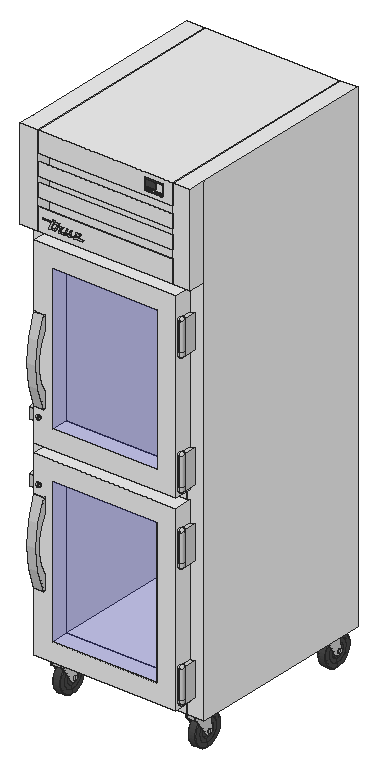
Revit family
Parameters
  Weight in Pounds = 0
  Watts = 1500 W
  Volts = 208 V
  URL Cutsheet = "www.truemfg.com"
  URL = "www.truemfg.com"
  Type Mark [instance] = ""
  Type Comments = ""
  Status [instance] = ""
  Specification by User [instance] = ""
  Specification by Manufacturer = ""
  Show Seismic Flanged [instance] = no
  Show Logo [instance] = yes
  Show Legs [instance] = no
  Show Clearance [instance] = yes
  Serial Number = ""
  Seismic Rating = ""
  Seismic Plate [instance] = and(Show Seismic Flanged, not(Show Casters))  # no
  SMACNA No = ""
  Revision Code [instance] = ""
  Phase = 1
  Omniclass Number and Title = ""
  Number of Poles [instance] = 1
  NAFEM Spec ID Number = ""
  Model = "STA1H-2HG"
  Min Ckt Ampacity = 0 A
  Max Overcurrent Protection = 0 A
  Masterspec = ""
  Manufacturer = "TRUE FOOD SERVICE EQUIPMENT, INC."
  Length = 27 1/2"
  Legs [instance] = or(Show Legs, Show Seismic Flanged)  # no
  Item Number [instance] = ""
  Installed By [instance] = ""
  Identify Quantity as Lot [instance] = yes
  Height = 77 3/4"
  HP = ""
  Furnished By [instance] = ""
  Foodservice Equipment Identifier [instance] = yes
  FL Amps = Watts / Volts  # 7.21154 A
  Electrical Remarks [instance] = ""
  Electric Connection Type [instance] = ""
  Elec Conn RI Height [instance] = 0"
  Elec Conn Connection Height [instance] = 0"
  Description = "Reach-in Glass Half Swing Door Heated Cabinet"
  Depth = 33 3/4"
  Cycle = 60 Hz
  Conn Plug = "6-15P"
  Conn Conduit = yes
  Show Casters [instance] = and(not(if(Show Legs, Show Legs, Show Legs)), not(if(Show Legs, Show Legs, Show Seismic Flanged)))  # yes
  CSI MasterFormat = ""
  CSI Master Format = ""
  Apparent Power = if(Phase = 3, Volts * FL Amps * 1.73, Volts * FL Amps)  # 1500 VA
Reference planes (in)
  plane 1 "BACK": y = 0
  plane 2: z = 0
  plane 3 "LEFT": x = 0
  plane 4 "RIGHT": x = 27.5
  plane 5 "FRONT": y = -33.75
  plane 6 "TOP": z = 84.125
  plane 7: z = 6.125
  plane 8: x = 2.84375
  plane 9: y = -33.7042
Forms (in)
  Extrusion 1, solid, material "QF_Finishes_Chrome - Satin"
    sketch origin (0.05, 0, 0) x (1, 0, 0) y (0, 1, 0)
      loop
        line (-0.05, 0) -> (-0.05, -31) -> (2.87859, -31) -> (2.87859, 0) -> (-0.05, 0)
    from 6.125 to 84.125
  Extrusion 2, solid, material "QF_Finishes_Chrome - Satin"
    sketch origin (50.15, 0, 0) x (1, 0, 0) y (0, 1, 0)
      loop
        line (-25.44375, 0) -> (-25.44375, -31) -> (-22.65, -31) -> (-22.65, 0) -> (-25.44375, 0)
    from 6.125 to 84.125
  Extrusion 3, solid, material "QF_Finishes_Chrome - Satin"
    sketch origin (0, 0, 0) x (0, 1, 0) y (0, 0, 1)
      loop
        line (-33.7042, 69.5) -> (-31, 69.5) -> (-31, 67) -> (-30, 67) -> (-30, 69.5) -> (-2, 69.5) -> (-2, 9.03125) -> (-31, 9.03125) -> (-31, 6.125) -> (0, 6.125) -> (0, 84.125) -> (-33.7042, 84.125) -> (-33.7042, 80.78078) -> (-31.5, 79.21352) -> (-31.5, 78.09125) -> (-33.7042, 79.65851) -> (-33.7042, 77.5248) -> (-31.5, 75.95754) -> (-31.5, 74.99678) -> (-33.7042, 76.56404) -> (-33.7042, 74.46784) -> (-31.5, 72.90057) -> (-31.5, 71.625) -> (-33.7042, 73.19226) -> (-33.7042, 69.5)
      loop
        line (-31, 39.0625) -> (-31, 36.5625) -> (-30, 36.5625) -> (-30, 39.0625) -> (-31, 39.0625)
    from 2.92859 to 24.70625
  Extrusion 4, solid, material "QF_Finishes_Chrome - Satin"
    sketch origin (0, 0, 0) x (1, 0, 0) y (0, 1, 0)
      loop
        line (27.45312, -31) -> (24.70625, -31) -> (24.70625, -33.75) -> (27.45312, -33.75) -> (27.45312, -31)
    from 69.5 to 84.125
  Extrusion 5, solid, material "QF_Finishes_Chrome - Satin"
    sketch origin (-50.125, 0, 0.25) x (1, 0, 0) y (0, 1, 0)
      loop
        line (53.05359, -31) -> (50.17188, -31) -> (50.17188, -33.75) -> (53.05359, -33.75) -> (53.05359, -31)
    from 69.25 to 83.875
  Extrusion 6, solid, material "QF_Finishes_Chrome - Satin"
    sketch origin (-24.96875, 0, -0.71875) x (1, 0, 0) y (0, 0, 1)
      loop
        line (27.25, 8.75) -> (50.1875, 8.75) -> (50.1875, 37.96875) -> (27.25, 37.96875) -> (27.25, 8.75)
      loop
        line (27.25, 68.6875) -> (27.25, 39.46875) -> (50.1875, 39.46875) -> (50.1875, 68.6875) -> (27.25, 68.6875)
      loop
        line (30.25, 65.6875) -> (30.25, 42.46875) -> (47.1875, 42.46875) -> (47.1875, 65.6875) -> (30.25, 65.6875)
      loop
        line (47.09375, 11.75) -> (47.09375, 34.96875) -> (30.25, 34.96875) -> (30.25, 11.75) -> (47.09375, 11.75)
    from 31 to 33.75
  Extrusion 7, solid, material "QF_Finishes_Handrails and Railings"
    sketch origin (-8.40259, -0.25, 98.07708) x (0, 1, 0) y (0, 0, 1)
      loop
        line (-33.5, -53.875) -> (-33.5, -51.475)
        arc (-33.5, -51.475) -> (-34.65816, -47.075) -> (-33.5, -42.675) r 8.93715
        line (-33.5, -42.675) -> (-33.5, -40.275) -> (-33.7, -40.275)
        arc (-33.7, -40.275) -> (-35.14405, -47.075) -> (-33.7, -53.875) r 16.7325
        line (-33.7, -53.875) -> (-33.5, -53.875)
    from 10.87731 to 12.37731
  Extrusion 8, solid, material "QF_Finishes_Handrails and Railings"
    sketch origin (-23.375, 0, 2.625) x (1, 0, 0) y (0, 0, 1)
      loop
        circle (26.4375, 40.0625) r 0.35
      loop
        line (26.47265, 40.33635) -> (26.41715, 40.33635) -> (26.41715, 39.76895) -> (26.47265, 39.76895) -> (26.47265, 40.33635)
    from 33.5 to 33.83066
  Extrusion 9, solid, material "QF_Finishes_Handrails and Railings", visible <- "Show Logo"
    sketch origin (0.33478, 1.08173, -6.73143) x (1, 0, 0) y (0, 0, 1)
      loop
        line (3.46044, 78.46231) -> (3.35478, 78.23573) -> (4.76027, 78.23573)
        arc (4.76027, 78.23573) -> (4.78879, 78.18528) -> (4.76027, 78.13484) r 0.05887
        line (4.76027, 78.13484) -> (4.39369, 77.34872)
        arc (4.39369, 77.34872) -> (4.39051, 77.27591) -> (4.43975, 77.22217) r 0.09523
        line (4.43975, 77.22217) -> (5.33844, 77.22217)
        arc (5.33844, 77.22217) -> (5.45192, 77.25795) -> (5.52436, 77.35235) r 0.19785
        line (5.52436, 77.35235) -> (5.81285, 77.97101) -> (6.0779, 77.97101)
        arc (6.0779, 77.97101) -> (6.14744, 77.94543) -> (6.13737, 77.87203) r 0.05911
        line (6.13737, 77.87203) -> (5.89598, 77.35437)
        arc (5.89598, 77.35437) -> (5.89974, 77.2684) -> (5.97231, 77.22217) r 0.09318
        line (5.97231, 77.22217) -> (6.76198, 77.22217)
        arc (6.76198, 77.22217) -> (6.82249, 77.24419) -> (6.85468, 77.29995) r 0.09412
        arc (6.85468, 77.29995) -> (6.87746, 77.24495) -> (6.93246, 77.22217) r 0.07778
        line (6.93246, 77.22217) -> (7.43246, 77.22217)
        arc (7.43246, 77.22217) -> (7.49022, 77.23765) -> (7.53251, 77.27993) r 0.11552
        arc (7.53251, 77.27993) -> (7.55275, 77.23106) -> (7.60162, 77.21081) r 0.06912
        line (7.60162, 77.21081) -> (8.31225, 77.21081)
        arc (8.31225, 77.21081) -> (8.37034, 77.23488) -> (8.39441, 77.29297) r 0.08216
        arc (8.39441, 77.29297) -> (8.44767, 77.23972) -> (8.52042, 77.22022) r 0.14551
        line (8.52042, 77.22022) -> (9.85158, 77.22022) -> (9.99946, 77.47634) -> (8.65678, 77.47634)
        arc (8.65678, 77.47634) -> (8.61972, 77.50204) -> (8.61834, 77.54711) r 0.05009
        line (8.61834, 77.54711) -> (8.64157, 77.59692)
        arc (8.64157, 77.59692) -> (8.67723, 77.64364) -> (8.73327, 77.66135) r 0.09747
        line (8.73327, 77.66135) -> (9.16485, 77.66135)
        arc (9.16485, 77.66135) -> (9.258, 77.68631) -> (9.32619, 77.7545) r 0.1863
        line (9.32619, 77.7545) -> (9.45119, 77.97101)
        arc (9.45119, 77.97101) -> (9.45119, 78.08657) -> (9.35111, 78.14434) r 0.11556
        line (9.35111, 78.14434) -> (8.89562, 78.14434)
        arc (8.89562, 78.14434) -> (8.7795, 78.12462) -> (8.69849, 78.03912) r 0.18605
        line (8.69849, 78.03912) -> (8.48204, 77.57493)
        arc (8.48204, 77.57493) -> (8.41815, 77.49167) -> (8.31806, 77.46011) r 0.1745
        line (8.31806, 77.46011) -> (7.84559, 77.46011)
        arc (7.84559, 77.46011) -> (7.78903, 77.52184) -> (7.79268, 77.60548) r 0.10939
        line (7.79268, 77.60548) -> (8.04395, 78.14434) -> (7.88403, 78.14434) -> (7.61781, 77.57344)
        arc (7.61781, 77.57344) -> (7.56609, 77.50603) -> (7.48505, 77.48048) r 0.14128
        line (7.48505, 77.48048) -> (7.15925, 77.48048)
        arc (7.15925, 77.48048) -> (7.10419, 77.55223) -> (7.116, 77.64189) r 0.11816
        line (7.116, 77.64189) -> (7.3503, 78.14434) -> (7.18514, 78.14434) -> (6.91546, 77.566)
        arc (6.91546, 77.566) -> (6.85285, 77.50339) -> (6.76733, 77.48048) r 0.17104
        line (6.76733, 77.48048) -> (6.29555, 77.48048)
        arc (6.29555, 77.48048) -> (6.21082, 77.51999) -> (6.20267, 77.61313) r 0.0935
        line (6.20267, 77.61313) -> (6.35774, 77.94569) -> (6.57695, 77.94569)
        arc (6.57695, 77.94569) -> (6.61395, 78.05717) -> (6.69267, 78.14434) r 0.2857
        line (6.69267, 78.14434) -> (5.83605, 78.14434)
        arc (5.83605, 78.14434) -> (5.74086, 78.12324) -> (5.67498, 78.05135) r 0.16212
        line (5.67498, 78.05135) -> (5.44279, 77.55341)
        arc (5.44279, 77.55341) -> (5.3894, 77.50002) -> (5.31647, 77.48048) r 0.14586
        line (5.31647, 77.48048) -> (4.80506, 77.48048)
        arc (4.80506, 77.48048) -> (4.76514, 77.53442) -> (4.77274, 77.60109) r 0.09155
        line (4.77274, 77.60109) -> (5.11018, 78.23573) -> (5.96155, 78.23573) -> (6.06721, 78.46231) -> (5.21584, 78.46231) -> (5.32149, 78.68888) -> (5.01862, 78.68888) -> (4.91297, 78.46231) -> (3.46044, 78.46231)
      loop
        arc (8.83805, 77.93863) -> (8.80119, 77.92875) -> (8.7742, 77.90176) r 0.07373
        line (8.7742, 77.90176) -> (8.75229, 77.83436)
        arc (8.75229, 77.83436) -> (8.76245, 77.80983) -> (8.78699, 77.79966) r 0.0347
        line (8.78699, 77.79966) -> (9.15948, 77.79966)
        arc (9.15948, 77.79966) -> (9.18632, 77.80561) -> (9.20812, 77.82234) r 0.0635
        line (9.20812, 77.82234) -> (9.22624, 77.90622)
        arc (9.22624, 77.90622) -> (9.22091, 77.92868) -> (9.20009, 77.93863) r 0.02676
        line (9.20009, 77.93863) -> (8.83805, 77.93863)
    from 34.76797 to 34.83173
  Extrusion 10, solid, material "QF_Finishes_White"
    sketch origin (-23.16691, 1.06376, 1.58022) x (1, 0, 0) y (0, 0, 1)
      loop
        line (43.31732, 81.73227) -> (43.31732, 79.98496) -> (46.22357, 79.98496) -> (46.22357, 81.73227) -> (43.31732, 81.73227)
    from 34.75 to 34.76797
  Extrusion 11, solid, material "QF_Finishes_Black"
    sketch origin (-23.16691, 1.06376, 1.58022) x (1, 0, 0) y (0, 0, 1)
      loop
        line (46.28607, 81.79477) -> (43.25482, 81.79477) -> (43.25482, 79.92246) -> (46.28607, 79.92246) -> (46.28607, 81.79477)
      loop
        spline (43.45482, 80.25372) -> (43.46333, 80.23754) -> (43.48831, 80.22247) -> (43.52804, 80.20952) -> (43.57982, 80.19959) -> (43.64011, 80.19335) -> (43.70482, 80.19122) -> (43.76952, 80.19335) -> (43.82982, 80.19959) -> (43.88159, 80.20952) -> (43.92132, 80.22247) -> (43.9463, 80.23754) -> (43.95482, 80.25372)
        spline (43.95482, 80.25372) -> (43.9463, 80.26989) -> (43.92132, 80.28497) -> (43.88159, 80.29791) -> (43.82982, 80.30784) -> (43.76952, 80.31409) -> (43.70482, 80.31622) -> (43.64011, 80.31409) -> (43.57982, 80.30784) -> (43.52804, 80.29791) -> (43.48831, 80.28497) -> (43.46333, 80.26989) -> (43.45482, 80.25372)
      loop
        spline (44.15083, 80.25372) -> (44.15935, 80.23754) -> (44.18432, 80.22247) -> (44.22405, 80.20952) -> (44.27583, 80.19959) -> (44.33612, 80.19335) -> (44.40083, 80.19122) -> (44.46553, 80.19335) -> (44.52583, 80.19959) -> (44.57761, 80.20952) -> (44.61734, 80.22247) -> (44.64231, 80.23754) -> (44.65083, 80.25372)
        spline (44.65083, 80.25372) -> (44.64231, 80.26989) -> (44.61734, 80.28497) -> (44.57761, 80.29791) -> (44.52583, 80.30784) -> (44.46553, 80.31409) -> (44.40083, 80.31622) -> (44.33612, 80.31409) -> (44.27583, 80.30784) -> (44.22405, 80.29791) -> (44.18432, 80.28497) -> (44.15935, 80.26989) -> (44.15083, 80.25372)
      loop
        spline (44.90083, 80.25372) -> (44.90935, 80.23754) -> (44.93432, 80.22247) -> (44.97405, 80.20952) -> (45.02583, 80.19959) -> (45.08612, 80.19335) -> (45.15083, 80.19122) -> (45.21553, 80.19335) -> (45.27583, 80.19959) -> (45.32761, 80.20952) -> (45.36734, 80.22247) -> (45.39231, 80.23754) -> (45.40083, 80.25372)
        spline (45.40083, 80.25372) -> (45.39231, 80.26989) -> (45.36734, 80.28497) -> (45.32761, 80.29791) -> (45.27583, 80.30784) -> (45.21553, 80.31409) -> (45.15083, 80.31622) -> (45.08612, 80.31409) -> (45.02583, 80.30784) -> (44.97405, 80.29791) -> (44.93432, 80.28497) -> (44.90935, 80.26989) -> (44.90083, 80.25372)
      loop
        line (43.45481, 81.59478) -> (43.45481, 80.59478) -> (45.15433, 80.59478) -> (45.15433, 81.59478) -> (43.45481, 81.59478)
      loop
        line (46.22357, 81.73227) -> (43.31732, 81.73227) -> (43.31732, 79.98496) -> (46.22357, 79.98496) -> (46.22357, 81.73227)
      loop
        spline (45.65083, 80.25372) -> (45.65935, 80.23754) -> (45.68432, 80.22247) -> (45.72405, 80.20952) -> (45.77583, 80.19959) -> (45.83612, 80.19335) -> (45.90083, 80.19122) -> (45.96553, 80.19335) -> (46.02583, 80.19959) -> (46.07761, 80.20952) -> (46.11734, 80.22247) -> (46.14231, 80.23754) -> (46.15083, 80.25372)
        spline (46.15083, 80.25372) -> (46.14231, 80.26989) -> (46.11734, 80.28497) -> (46.07761, 80.29791) -> (46.02583, 80.30784) -> (45.96553, 80.31409) -> (45.90083, 80.31622) -> (45.83612, 80.31409) -> (45.77583, 80.30784) -> (45.72405, 80.29791) -> (45.68432, 80.28497) -> (45.65935, 80.26989) -> (45.65083, 80.25372)
    from 34.76797 to 34.80335
  Extrusion 12, solid
    sketch origin (-25.125, 0, 0) x (1, 0, 0) y (0, 0, 1)
      loop
        circle (49.375, 82) r 0.25
    from 0 to 0.0625
  Blend 13, solid, material "QF_Finishes_Handrails and Railings"
    base sketch origin (27.53125, 0, 4.5) x (-1, 0, 0) y (0, 0, -1)
      loop
        line (25.25, -38.99169) -> (26, -38.99169) -> (26, -37.24169) -> (25.25, -37.24169) -> (25.25, -38.99169)
    top sketch origin (27.53125, 0, 4.5) x (-1, 0, 0) y (0, 0, -1)
      loop
        line (26.18223, -36.6441) -> (25.25, -36.6441) -> (25.25, -39.42643) -> (26.18223, -39.42643) -> (26.18223, -36.6441)
    from 33.57883 to 31
  Extrusion 14, solid, material "QF_Finishes_Handrails and Railings"
    sketch origin (26.1875, 0, 0) x (0, 1, 0) y (0, 0, -1)
      loop
        line (-31, -64.55229) -> (-31, -59.23627) -> (-33.25, -59.23627) -> (-33.25, -59.94848) -> (-32.81497, -59.94848) -> (-32.81497, -64.34776)
        arc (-32.81497, -64.34776) -> (-32.75506, -64.49238) -> (-32.61044, -64.55229) r 0.20453
        line (-32.61044, -64.55229) -> (-31, -64.55229)
    from 0.17506 to 1
  Revolve 15, solid, material "QF_Finishes_Handrails and Railings"
    sketch origin (25.6875, 0, 0) x (0, 1, 0) y (0, 0, -1)
      loop
        line (-33.26563, -60.00189) -> (-33.67229, -60.00189) -> (-33.67229, -64.4736)
        arc (-33.67229, -64.4736) -> (-33.53722, -64.72557) -> (-33.26563, -64.81483) r 0.3848
        line (-33.26563, -64.81483) -> (-33.26563, -60.00189)
      loop
        line (-33.26563, -59.94848) -> (-33.26563, -59.04781)
        arc (-33.26563, -59.04781) -> (-33.53264, -59.13383) -> (-33.67229, -59.37712) r 0.38884
        line (-33.67229, -59.37712) -> (-33.67229, -59.94848) -> (-33.26563, -59.94848)
      axis (-33.26563, -59.04781) -> (-33.26563, -64.81483)
    angle from 0 to 360
  Extrusion 16, solid, material "QF_Finishes_Handrails and Railings"
    sketch origin (27.5, 0, 0) x (-1, 0, 0) y (0, 0, -1)
      loop
        line (1.91491, -64.4736) -> (2.3125, -64.4736) -> (2.3125, -60.00079) -> (1.91491, -60.00079) -> (1.91491, -64.4736)
    from 32.81497 to 33.59495
  Extrusion 17, solid, material "QF_Finishes_Handrails and Railings"
    sketch origin (26.1875, 0, -19.5) x (0, 1, 0) y (0, 0, -1)
      loop
        line (-31, -64.55229) -> (-31, -59.23627) -> (-33.25, -59.23627) -> (-33.25, -59.94848) -> (-32.81497, -59.94848) -> (-32.81497, -64.34776)
        arc (-32.81497, -64.34776) -> (-32.75506, -64.49238) -> (-32.61044, -64.55229) r 0.20453
        line (-32.61044, -64.55229) -> (-31, -64.55229)
    from 0.17506 to 1
  Revolve 18, solid, material "QF_Finishes_Handrails and Railings"
    sketch origin (25.6875, 0, -19.5) x (0, 1, 0) y (0, 0, -1)
      loop
        line (-33.26563, -60.00189) -> (-33.67229, -60.00189) -> (-33.67229, -64.4736)
        arc (-33.67229, -64.4736) -> (-33.53722, -64.72557) -> (-33.26563, -64.81483) r 0.3848
        line (-33.26563, -64.81483) -> (-33.26563, -60.00189)
      loop
        line (-33.26563, -59.94848) -> (-33.26563, -59.04781)
        arc (-33.26563, -59.04781) -> (-33.53264, -59.13383) -> (-33.67229, -59.37712) r 0.38884
        line (-33.67229, -59.37712) -> (-33.67229, -59.94848) -> (-33.26563, -59.94848)
      axis (-33.26563, -59.04781) -> (-33.26563, -64.81483)
    angle from 0 to 360
  Extrusion 19, solid, material "QF_Finishes_Handrails and Railings"
    sketch origin (27.5, 0, -19.5) x (-1, 0, 0) y (0, 0, -1)
      loop
        line (1.91491, -64.4736) -> (2.3125, -64.4736) -> (2.3125, -60.00079) -> (1.91491, -60.00079) -> (1.91491, -64.4736)
    from 32.81497 to 33.59495
  Extrusion 20, solid, material "QF_Finishes_Handrails and Railings"
    sketch origin (26.1875, 0, -30.5) x (0, 1, 0) y (0, 0, -1)
      loop
        line (-31, -64.55229) -> (-31, -59.23627) -> (-33.25, -59.23627) -> (-33.25, -59.94848) -> (-32.81497, -59.94848) -> (-32.81497, -64.34776)
        arc (-32.81497, -64.34776) -> (-32.75506, -64.49238) -> (-32.61044, -64.55229) r 0.20453
        line (-32.61044, -64.55229) -> (-31, -64.55229)
    from 0.17506 to 1
  Revolve 21, solid, material "QF_Finishes_Handrails and Railings"
    sketch origin (25.6875, 0, -30.5) x (0, 1, 0) y (0, 0, -1)
      loop
        line (-33.26563, -60.00189) -> (-33.67229, -60.00189) -> (-33.67229, -64.4736)
        arc (-33.67229, -64.4736) -> (-33.53722, -64.72557) -> (-33.26563, -64.81483) r 0.3848
        line (-33.26563, -64.81483) -> (-33.26563, -60.00189)
      loop
        line (-33.26563, -59.94848) -> (-33.26563, -59.04781)
        arc (-33.26563, -59.04781) -> (-33.53264, -59.13383) -> (-33.67229, -59.37712) r 0.38884
        line (-33.67229, -59.37712) -> (-33.67229, -59.94848) -> (-33.26563, -59.94848)
      axis (-33.26563, -59.04781) -> (-33.26563, -64.81483)
    angle from 0 to 360
  Extrusion 22, solid, material "QF_Finishes_Handrails and Railings"
    sketch origin (27.5, 0, -30.5) x (-1, 0, 0) y (0, 0, -1)
      loop
        line (1.91491, -64.4736) -> (2.3125, -64.4736) -> (2.3125, -60.00079) -> (1.91491, -60.00079) -> (1.91491, -64.4736)
    from 32.81497 to 33.59495
  Extrusion 23, solid, material "QF_Finishes_Handrails and Railings"
    sketch origin (26.1875, 0, -50.25) x (0, 1, 0) y (0, 0, -1)
      loop
        line (-31, -64.55229) -> (-31, -59.23627) -> (-33.25, -59.23627) -> (-33.25, -59.94848) -> (-32.81497, -59.94848) -> (-32.81497, -64.34776)
        arc (-32.81497, -64.34776) -> (-32.75506, -64.49238) -> (-32.61044, -64.55229) r 0.20453
        line (-32.61044, -64.55229) -> (-31, -64.55229)
    from 0.17506 to 1
  Revolve 24, solid, material "QF_Finishes_Handrails and Railings"
    sketch origin (25.6875, 0, -50.25) x (0, 1, 0) y (0, 0, -1)
      loop
        line (-33.26563, -60.00189) -> (-33.67229, -60.00189) -> (-33.67229, -64.4736)
        arc (-33.67229, -64.4736) -> (-33.53722, -64.72557) -> (-33.26563, -64.81483) r 0.3848
        line (-33.26563, -64.81483) -> (-33.26563, -60.00189)
      loop
        line (-33.26563, -59.94848) -> (-33.26563, -59.04781)
        arc (-33.26563, -59.04781) -> (-33.53264, -59.13383) -> (-33.67229, -59.37712) r 0.38884
        line (-33.67229, -59.37712) -> (-33.67229, -59.94848) -> (-33.26563, -59.94848)
      axis (-33.26563, -59.04781) -> (-33.26563, -64.81483)
    angle from 0 to 360
  Extrusion 25, solid, material "QF_Finishes_Handrails and Railings"
    sketch origin (27.5, 0, -50.25) x (-1, 0, 0) y (0, 0, -1)
      loop
        line (1.91491, -64.4736) -> (2.3125, -64.4736) -> (2.3125, -60.00079) -> (1.91491, -60.00079) -> (1.91491, -64.4736)
    from 32.81497 to 33.59495
  Revolve 26, solid, material "QF_Finishes_Black", visible <- "Show Casters"
    sketch origin (22.65625, -27.375, 0) x (1, 0, 0) y (0, 0, 1)
      loop
        line (1.475, 5) -> (1.375, 4.9) -> (1.375, 4.29941) -> (1.53601, 4.29941) -> (1.53601, 3.54941) -> (1.375, 3.54941) -> (1.375, 2.79941) -> (0.975, 2.79941) -> (0.975, 2.5) -> (3.025, 2.5) -> (3.025, 2.79941) -> (2.62908, 2.79941) -> (2.62908, 3.54941) -> (2.46399, 3.54941) -> (2.46399, 4.29941) -> (2.62908, 4.29941) -> (2.62908, 4.89592) -> (2.525, 5) -> (1.475, 5)
      axis (3.025, 2.5) -> (0.975, 2.5)
    angle from 0 to 360
  Extrusion 27, solid, material "QF_Finishes_Handrails and Railings", visible <- "Show Casters"
    sketch origin (22.5625, 0, 0) x (0, 1, 0) y (0, 0, 1)
      loop
        line (-29.95136, 5.48574) -> (-29.95136, 4.88089) -> (-29.70136, 4.88089) -> (-27.95216, 2.18736)
        arc (-27.95216, 2.18736) -> (-27.23883, 1.94868) -> (-26.84581, 2.59003) r 0.60416
        line (-26.84581, 2.59003) -> (-27.20136, 5.48574) -> (-29.95136, 5.48574)
      loop
        line (-3.8577, 5.48574) -> (-3.8577, 4.88089) -> (-3.6077, 4.88089) -> (-1.8585, 2.18736)
        arc (-1.8585, 2.18736) -> (-1.14517, 1.94868) -> (-0.75215, 2.59003) r 0.60416
        line (-0.75215, 2.59003) -> (-1.1077, 5.48574) -> (-3.8577, 5.48574)
    from 1.175 to 1.325
  Extrusion 28, solid, material "QF_Finishes_Handrails and Railings", visible <- "Show Casters"
    sketch origin (24.0625, 0, 0) x (0, 1, 0) y (0, 0, 1)
      loop
        line (-29.95136, 5.48574) -> (-29.95136, 4.88089) -> (-29.70136, 4.88089) -> (-27.95216, 2.18736)
        arc (-27.95216, 2.18736) -> (-27.23883, 1.94868) -> (-26.84581, 2.59003) r 0.60416
        line (-26.84581, 2.59003) -> (-27.20136, 5.48574) -> (-29.95136, 5.48574)
      loop
        line (-3.8577, 5.48574) -> (-3.8577, 4.88089) -> (-3.6077, 4.88089) -> (-1.8585, 2.18736)
        arc (-1.8585, 2.18736) -> (-1.14517, 1.94868) -> (-0.75215, 2.59003) r 0.60416
        line (-0.75215, 2.59003) -> (-1.1077, 5.48574) -> (-3.8577, 5.48574)
    from 1.175 to 1.325
  Revolve 29, solid, material "QF_Finishes_Chrome - Satin", visible <- "Show Casters"
    sketch origin (22.65625, -28.5625, -0.5) x (1, 0, 0) y (0, 0, 1)
      loop
        line (2, 5.99546) -> (2, 6.62359) -> (0.70293, 6.62359) -> (0.70293, 5.99546) -> (2, 5.99546)
      axis (2, 5.99546) -> (2, 6.62359)
    angle from 0 to 360
  Revolve 30, solid, material "QF_Finishes_Chrome - Satin", visible <- "Legs"
    sketch origin (22.65625, -2.69102, 0) x (1, 0, 0) y (0, 0, 1)
      loop
        line (2, 6.125) -> (0.66662, 6.125) -> (1.25, 1) -> (1.5, 1) -> (1.5, 0) -> (2, 0) -> (2, 6.125)
      axis (2, 0) -> (2, 6.125)
    angle from 0 to 360
  Revolve 31, solid, material "QF_Finishes_Chrome - Satin", visible <- "Legs"
    sketch origin (22.65625, -28.65977, 0) x (1, 0, 0) y (0, 0, 1)
      loop
        line (2, 6.125) -> (0.66662, 6.125) -> (1.25, 1) -> (1.5, 1) -> (1.5, 0) -> (2, 0) -> (2, 6.125)
      axis (2, 0) -> (2, 6.125)
    angle from 0 to 360
  Revolve 32, solid, material "QF_Finishes_Chrome - Satin", visible <- "Show Casters"
    sketch origin (22.65625, -2.70321, -0.5) x (1, 0, 0) y (0, 0, 1)
      loop
        line (2, 5.99546) -> (2, 6.62359) -> (0.70293, 6.62359) -> (0.70293, 5.99546) -> (2, 5.99546)
      axis (2, 5.99546) -> (2, 6.62359)
    angle from 0 to 360
  Extrusion 33, solid, material "QF_Finishes_Handrails and Railings", visible <- "Show Casters"
    sketch origin (-25.21875, 0, 0) x (0, 1, 0) y (0, 0, 1)
      loop
        line (-29.95136, 5.48574) -> (-29.95136, 4.88089) -> (-29.70136, 4.88089) -> (-27.16533, 5.19227) -> (-27.20136, 5.48574) -> (-29.95136, 5.48574)
      loop
        line (-3.8577, 5.48574) -> (-3.8577, 4.88089) -> (-3.6077, 4.88089) -> (-1.07167, 5.19227) -> (-1.1077, 5.48574) -> (-3.8577, 5.48574)
    from 49.10625 to 50.45625
  Revolve 34, solid, material "QF_Finishes_Black", visible <- "Show Casters"
    sketch origin (22.65625, -1.21875, 0) x (1, 0, 0) y (0, 0, 1)
      loop
        line (1.475, 5) -> (1.375, 4.9) -> (1.375, 4.29941) -> (1.53601, 4.29941) -> (1.53601, 3.54941) -> (1.375, 3.54941) -> (1.375, 2.79941) -> (0.975, 2.79941) -> (0.975, 2.5) -> (3.025, 2.5) -> (3.025, 2.79941) -> (2.62908, 2.79941) -> (2.62908, 3.54941) -> (2.46399, 3.54941) -> (2.46399, 4.29941) -> (2.62908, 4.29941) -> (2.62908, 4.89592) -> (2.525, 5) -> (1.475, 5)
      axis (3.025, 2.5) -> (0.975, 2.5)
    angle from 0 to 360
  Revolve 35, solid, material "QF_Finishes_Black", visible <- "Show Casters"
    sketch origin (0.84375, -27.375, 0) x (1, 0, 0) y (0, 0, 1)
      loop
        line (1.475, 5) -> (1.375, 4.9) -> (1.375, 4.29941) -> (1.53601, 4.29941) -> (1.53601, 3.54941) -> (1.375, 3.54941) -> (1.375, 2.79941) -> (0.975, 2.79941) -> (0.975, 2.5) -> (3.025, 2.5) -> (3.025, 2.79941) -> (2.62908, 2.79941) -> (2.62908, 3.54941) -> (2.46399, 3.54941) -> (2.46399, 4.29941) -> (2.62908, 4.29941) -> (2.62908, 4.89592) -> (2.525, 5) -> (1.475, 5)
      axis (3.025, 2.5) -> (0.975, 2.5)
    angle from 0 to 360
  Extrusion 36, solid, material "QF_Finishes_Handrails and Railings", visible <- "Show Casters"
    sketch origin (0.84375, 0, 0) x (0, 1, 0) y (0, 0, 1)
      loop
        line (-29.95136, 5.48574) -> (-29.95136, 4.88089) -> (-29.70136, 4.88089) -> (-27.95216, 2.18736)
        arc (-27.95216, 2.18736) -> (-27.23883, 1.94868) -> (-26.84581, 2.59003) r 0.60416
        line (-26.84581, 2.59003) -> (-27.20136, 5.48574) -> (-29.95136, 5.48574)
      loop
        line (-3.8577, 5.48574) -> (-3.8577, 4.88089) -> (-3.6077, 4.88089) -> (-1.8585, 2.18736)
        arc (-1.8585, 2.18736) -> (-1.14517, 1.94868) -> (-0.75215, 2.59003) r 0.60416
        line (-0.75215, 2.59003) -> (-1.1077, 5.48574) -> (-3.8577, 5.48574)
    from 1.175 to 1.325
  Extrusion 37, solid, material "QF_Finishes_Handrails and Railings", visible <- "Show Casters"
    sketch origin (2.34375, 0, 0) x (0, 1, 0) y (0, 0, 1)
      loop
        line (-29.95136, 5.48574) -> (-29.95136, 4.88089) -> (-29.70136, 4.88089) -> (-27.95216, 2.18736)
        arc (-27.95216, 2.18736) -> (-27.23883, 1.94868) -> (-26.84581, 2.59003) r 0.60416
        line (-26.84581, 2.59003) -> (-27.20136, 5.48574) -> (-29.95136, 5.48574)
      loop
        line (-3.8577, 5.48574) -> (-3.8577, 4.88089) -> (-3.6077, 4.88089) -> (-1.8585, 2.18736)
        arc (-1.8585, 2.18736) -> (-1.14517, 1.94868) -> (-0.75215, 2.59003) r 0.60416
        line (-0.75215, 2.59003) -> (-1.1077, 5.48574) -> (-3.8577, 5.48574)
    from 1.175 to 1.325
  Revolve 38, solid, material "QF_Finishes_Chrome - Satin", visible <- "Show Casters"
    sketch origin (0.84375, -28.5625, -0.5) x (1, 0, 0) y (0, 0, 1)
      loop
        line (2, 5.99546) -> (2, 6.62359) -> (0.70293, 6.62359) -> (0.70293, 5.99546) -> (2, 5.99546)
      axis (2, 5.99546) -> (2, 6.62359)
    angle from 0 to 360
  Revolve 39, solid, material "QF_Finishes_Chrome - Satin", visible <- "Legs"
    sketch origin (0.84375, -2.69102, 0) x (1, 0, 0) y (0, 0, 1)
      loop
        line (2, 6.125) -> (0.66662, 6.125) -> (1.25, 1) -> (1.5, 1) -> (1.5, 0) -> (2, 0) -> (2, 6.125)
      axis (2, 0) -> (2, 6.125)
    angle from 0 to 360
  Revolve 40, solid, material "QF_Finishes_Chrome - Satin", visible <- "Legs"
    sketch origin (0.84375, -28.65977, 0) x (1, 0, 0) y (0, 0, 1)
      loop
        line (2, 6.125) -> (0.66662, 6.125) -> (1.25, 1) -> (1.5, 1) -> (1.5, 0) -> (2, 0) -> (2, 6.125)
      axis (2, 0) -> (2, 6.125)
    angle from 0 to 360
  Revolve 41, solid, material "QF_Finishes_Chrome - Satin", visible <- "Show Casters"
    sketch origin (0.84375, -2.70321, -0.5) x (1, 0, 0) y (0, 0, 1)
      loop
        line (2, 5.99546) -> (2, 6.62359) -> (0.70293, 6.62359) -> (0.70293, 5.99546) -> (2, 5.99546)
      axis (2, 5.99546) -> (2, 6.62359)
    angle from 0 to 360
  Extrusion 42, solid, material "QF_Finishes_Handrails and Railings", visible <- "Show Casters"
    sketch origin (-46.9375, 0, 0) x (0, 1, 0) y (0, 0, 1)
      loop
        line (-29.95136, 5.48574) -> (-29.95136, 4.88089) -> (-29.70136, 4.88089) -> (-27.16533, 5.19227) -> (-27.20136, 5.48574) -> (-29.95136, 5.48574)
      loop
        line (-3.8577, 5.48574) -> (-3.8577, 4.88089) -> (-3.6077, 4.88089) -> (-1.07167, 5.19227) -> (-1.1077, 5.48574) -> (-3.8577, 5.48574)
    from 49.10625 to 50.45625
  Revolve 43, solid, material "QF_Finishes_Black", visible <- "Show Casters"
    sketch origin (0.84375, -1.21875, 0) x (1, 0, 0) y (0, 0, 1)
      loop
        line (1.475, 5) -> (1.375, 4.9) -> (1.375, 4.29941) -> (1.53601, 4.29941) -> (1.53601, 3.54941) -> (1.375, 3.54941) -> (1.375, 2.79941) -> (0.975, 2.79941) -> (0.975, 2.5) -> (3.025, 2.5) -> (3.025, 2.79941) -> (2.62908, 2.79941) -> (2.62908, 3.54941) -> (2.46399, 3.54941) -> (2.46399, 4.29941) -> (2.62908, 4.29941) -> (2.62908, 4.89592) -> (2.525, 5) -> (1.475, 5)
      axis (3.025, 2.5) -> (0.975, 2.5)
    angle from 0 to 360
  Extrusion 44, solid, material "QF_Finishes_Door Clearance", visible <- "Show Clearance", detail levels coarse
    sketch origin (26.42841, -3.6098, 0) x (1, 0, 0) y (0, 1, 0)
      loop
        line (-1.20966, -30.1402) -> (-24.14716, -30.1402)
        arc (-24.14716, -30.1402) -> (-17.42892, -46.35946) -> (-1.20966, -53.0777) r 22.9375
        line (-1.20966, -53.0777) -> (-1.20966, -30.1402)
    from 38.75 to 67.96875
  Extrusion 45, solid, material "Glass"
    sketch origin (-24.96875, 0, -0.71875) x (1, 0, 0) y (0, 0, 1)
      loop
        line (30.25, 34.96875) -> (30.25, 11.75) -> (47.1875, 11.75) -> (47.1875, 34.96875) -> (30.25, 34.96875)
      loop
        line (30.25, 65.6875) -> (30.25, 42.46875) -> (47.1875, 42.46875) -> (47.1875, 65.6875) -> (30.25, 65.6875)
    from 31 to 33.75
  Extrusion 46, solid, material "QF_Finishes_Chrome - Satin", visible <- "Seismic Plate"
    sketch origin (-0.22541, -26.96562, 0) x (1, 0, 0) y (0, 1, 0)
      loop
        circle (3.06916, -1.69416) r 1.5
    from 0 to 0.25
  Extrusion 47, solid, material "QF_Finishes_Chrome - Satin", visible <- "Seismic Plate"
    sketch origin (-0.22541, -0.99687, 0) x (1, 0, 0) y (0, 1, 0)
      loop
        circle (3.06916, -1.69416) r 1.5
    from 0 to 0.25
  Extrusion 48, solid, material "QF_Finishes_Chrome - Satin", visible <- "Seismic Plate"
    sketch origin (21.49334, -0.99687, 0) x (1, 0, 0) y (0, 1, 0)
      loop
        circle (3.16291, -1.69416) r 1.5
    from 0 to 0.25
  Extrusion 49, solid, material "QF_Finishes_Chrome - Satin", visible <- "Seismic Plate"
    sketch origin (21.49334, -26.96562, 0) x (1, 0, 0) y (0, 1, 0)
      loop
        circle (3.16291, -1.69416) r 1.5
    from 0 to 0.25
  Extrusion 50, solid, material "QF_Finishes_Door Clearance", visible <- "Show Clearance", detail levels coarse
    sketch origin (26.45964, -3.6098, -30.71875) x (1, 0, 0) y (0, 1, 0)
      loop
        arc (-24.17839, -30.1402) -> (-17.46015, -46.35946) -> (-1.24089, -53.0777) r 22.9375
        line (-1.24089, -53.0777) -> (-1.24089, -30.1402) -> (-24.17839, -30.1402)
    from 38.75 to 67.96875
  Extrusion 51, solid, material "QF_Finishes_Handrails and Railings"
    sketch origin (-8.40259, -0.25, -22.45208) x (0, 1, 0) y (0, 0, 1)
      loop
        line (-33.5, 53.875) -> (-33.7, 53.875)
        arc (-33.7, 53.875) -> (-35.14405, 47.075) -> (-33.7, 40.275) r 16.7325
        line (-33.7, 40.275) -> (-33.5, 40.275) -> (-33.5, 42.675)
        arc (-33.5, 42.675) -> (-34.65816, 47.075) -> (-33.5, 51.475) r 8.93715
        line (-33.5, 51.475) -> (-33.5, 53.875)
    from 10.87731 to 12.37731
  Extrusion 52, solid, material "QF_Finishes_Handrails and Railings"
    sketch origin (-23.375, 0, 73) x (1, 0, 0) y (0, 0, 1)
      loop
        circle (26.4375, -40.0625) r 0.35
      loop
        line (26.47265, -40.33635) -> (26.47265, -39.76895) -> (26.41715, -39.76895) -> (26.41715, -40.33635) -> (26.47265, -40.33635)
    from 33.5 to 33.83066
  Blend 53, solid, material "QF_Finishes_Handrails and Railings"
    base sketch origin (27.53125, 0, 71.125) x (-1, 0, 0) y (0, 0, -1)
      loop
        line (25.25, 38.99169) -> (25.25, 37.24169) -> (26, 37.24169) -> (26, 38.99169) -> (25.25, 38.99169)
    top sketch origin (27.53125, 0, 71.125) x (-1, 0, 0) y (0, 0, -1)
      loop
        line (26.18223, 36.6441) -> (26.18223, 39.42643) -> (25.25, 39.42643) -> (25.25, 36.6441) -> (26.18223, 36.6441)
    from 33.57883 to 31
Cuts and joins
  joined: Extrusion 1, Extrusion 2, Extrusion 4, Extrusion 5
Lines and regions (in)
  symbolic lines
    curve 1: line (0, 0, 0) -> (27.5, 0, 0)
    curve 2: line (0, -33.75, 0) -> (0, 0, 0)
    curve 3: line (27.5, -33.75, 0) -> (0, -33.75, 0)
    curve 4: line (27.5, 0, 0) -> (27.5, -33.75, 0)
    curve 5: line (27.5, -31.5, 0) -> (0, -31.5, 0)
    curve 24: line (3.97472, -35.39405, 0) -> (3.97472, -33.75, 0)
    curve 25: line (2.47472, -35.39405, 0) -> (2.47472, -33.75, 0)
    curve 26: line (2.47472, -33.95, 0) -> (3.97472, -33.95, 0)
    curve 27: line (3.97472, -35.39405, 0) -> (2.47472, -35.39405, 0)
  symbolic lines, style "SpecialityEquipmentHiddenLines", visible <- "Show Casters"
    curve 6: line (3.82597, -24.4208, 0) -> (5.12501, -25.1708, 0)
    curve 7: line (1.20097, -28.96743, 0) -> (3.82597, -24.4208, 0)
    curve 8: line (2.50001, -29.71743, 0) -> (1.20097, -28.96743, 0)
    curve 9: line (5.12501, -25.1708, 0) -> (2.50001, -29.71743, 0)
    curve 10: line (3.82597, -0.4208, 0) -> (5.12501, -1.1708, 0)
    curve 11: line (1.20097, -4.96743, 0) -> (3.82597, -0.4208, 0)
    curve 12: line (2.50001, -5.71743, 0) -> (1.20097, -4.96743, 0)
    curve 13: line (5.12501, -1.1708, 0) -> (2.50001, -5.71743, 0)
    curve 14: line (24.73343, -0.4208, 0) -> (26.03247, -1.1708, 0)
    curve 15: line (22.10843, -4.96743, 0) -> (24.73343, -0.4208, 0)
    curve 16: line (23.40747, -5.71743, 0) -> (22.10843, -4.96743, 0)
    curve 17: line (26.03247, -1.1708, 0) -> (23.40747, -5.71743, 0)
    curve 18: line (24.82718, -24.52487, 0) -> (26.12622, -25.27487, 0)
    curve 19: line (22.20218, -29.07151, 0) -> (24.82718, -24.52487, 0)
    curve 20: line (23.50122, -29.82151, 0) -> (22.20218, -29.07151, 0)
    curve 21: line (26.12622, -25.27487, 0) -> (23.50122, -29.82151, 0)
  symbolic lines, style "QF-Door Swings", visible <- "Show Clearance", detail levels coarse
    curve 22: line (25.21875, -33.75, 0) -> (25.21875, -56.6875, 0)
    curve 23: arc (25.21875, -56.6875, 0) -> (8.99949, -49.96926, 0) -> (2.28125, -33.75, 0) r 22.9375
Dimensions and locks (in)
  "Depth": plane 5 "FRONT" to plane 1 "BACK"
  plane 7 to level = 6 1/8"
  plane 6 "TOP" to level = 84 1/8"
  plane 6 "TOP" to plane 7 = 78"
  plane 6 "TOP" to cut or joined group of Extrusion 1, Extrusion 2, Extrusion 4, Extrusion 5 = 14 5/8"
  Extrusion 6 sketch curve to Extrusion 6 sketch curve = 22 15/16"
  Extrusion 6 to plane 1 "BACK" = 33 3/4"
  "Length": plane 3 "LEFT" to plane 4 "RIGHT"
  plane 4 "RIGHT" to plane 3 "LEFT" = 27 1/2"
  locked: Extrusion 6 to Extrusion 50 at 22.9375
  locked: cut or joined group of Extrusion 1, Extrusion 2, Extrusion 4, Extrusion 5 to cut or joined group of Extrusion 1, Extrusion 2, Extrusion 4, Extrusion 5 at 27.40625
  aligned and locked: level to plane 2
Automatic sketch dimensions
  Extrusion 1 sketch curve to plane 3 "LEFT" = 0"
  plane 1 "BACK" to Extrusion 1 sketch curve = 0"
  plane 8 to Extrusion 1 sketch curve = 0.08484"
  Extrusion 1 sketch curve to plane 5 "FRONT" = 2 3/4"
  plane 1 "BACK" to Extrusion 2 sketch curve = 0"
  Extrusion 2 sketch curve to plane 4 "RIGHT" = 0"
  Extrusion 2 sketch curve to plane 4 "RIGHT" = 2.79375"
  Extrusion 2 sketch curve to plane 5 "FRONT" = 2 3/4"
  plane 5 "FRONT" to Extrusion 4 sketch curve = 0"
  Extrusion 4 sketch curve to plane 4 "RIGHT" = 2.79375"
  Extrusion 4 sketch curve to plane 4 "RIGHT" = 3/64"
  Extrusion 4 sketch curve to plane 5 "FRONT" = 2 3/4"
  plane 5 "FRONT" to Extrusion 5 sketch curve = 0"
  plane 3 "LEFT" to Extrusion 5 sketch curve = 3/64"
  plane 8 to Extrusion 5 sketch curve = 0.08484"
  Extrusion 5 sketch curve to plane 5 "FRONT" = 2 3/4"
  plane 5 "FRONT" to Extrusion 7 sketch curve = 0.2"  (x2)
  plane 5 "FRONT" to Extrusion 7 sketch curve = 0"  (x2)
  Extrusion 7 sketch curve to plane 5 "FRONT" = 7.77899"
  Extrusion 7 sketch curve to Extrusion 7 sketch curve = 7.30945"
  plane 7 to Extrusion 7 sketch curve = 38.07708"
  Extrusion 7 sketch curve to Extrusion 7 sketch curve = 2.4"
  Extrusion 7 sketch curve to Extrusion 7 sketch curve = 4.4"
  Extrusion 7 sketch curve to Extrusion 7 sketch curve = 0"
  plane 8 to Extrusion 8 sketch curve = 0.1984"
  plane 8 to Extrusion 8 sketch curve = 7/32"
  Extrusion 8 sketch curve to Extrusion 8 sketch curve = 0.0555"
  plane 7 to Extrusion 8 sketch curve = 36.26895"
  Extrusion 8 sketch curve to Extrusion 8 sketch curve = 0.29355"
  Extrusion 8 sketch curve to Extrusion 8 sketch curve = 0.27385"
  plane 8 to Extrusion 9 sketch curve = 0.84582"
  Extrusion 9 sketch curve to Extrusion 9 sketch curve = 0.10565"  (x5)
  Extrusion 9 sketch curve to Extrusion 9 sketch curve = 1.03891"
  Extrusion 9 sketch curve to Extrusion 9 sketch curve = 0.04606"
  Extrusion 9 sketch curve to Extrusion 9 sketch curve = 0.04025"
  Extrusion 9 sketch curve to Extrusion 9 sketch curve = 0.33624"
  Extrusion 9 sketch curve to Extrusion 9 sketch curve = 0.03034"  (x2)
  Extrusion 9 sketch curve to Extrusion 9 sketch curve = 0.29274"
  Extrusion 9 sketch curve to Extrusion 9 sketch curve = 0.03232"
  Extrusion 9 sketch curve to Extrusion 9 sketch curve = 0.08083"
  Extrusion 9 sketch curve to Extrusion 9 sketch curve = 0.1527"
  Extrusion 9 sketch curve to Extrusion 9 sketch curve = 0.19721"
  Extrusion 9 sketch curve to Extrusion 9 sketch curve = 0.4629"
  Extrusion 9 sketch curve to Extrusion 9 sketch curve = 0.02197"
  Extrusion 9 sketch curve to Extrusion 9 sketch curve = 0.12632"
  Extrusion 9 sketch curve to Extrusion 9 sketch curve = 0.18591"
  Extrusion 9 sketch curve to Extrusion 9 sketch curve = 0.2322"
  Extrusion 9 sketch curve to Extrusion 9 sketch curve = 0.13786"
  Extrusion 9 sketch curve to Extrusion 9 sketch curve = 0.00907"
  Extrusion 9 sketch curve to Extrusion 9 sketch curve = 0.01413"
  Extrusion 9 sketch curve to Extrusion 9 sketch curve = 0.37162"
  Extrusion 9 sketch curve to Extrusion 9 sketch curve = 0.12551"
  Extrusion 9 sketch curve to Extrusion 9 sketch curve = 0.07633"
  Extrusion 9 sketch curve to Extrusion 9 sketch curve = 0.08445"
  Extrusion 9 sketch curve to Extrusion 9 sketch curve = 0.25598"
  Extrusion 9 sketch curve to Extrusion 9 sketch curve = 0.01887"
  Extrusion 9 sketch curve to Extrusion 9 sketch curve = 0.04061"
  Extrusion 9 sketch curve to Extrusion 9 sketch curve = 0.0653"
  Extrusion 9 sketch curve to Extrusion 9 sketch curve = 0.08474"
  Extrusion 9 sketch curve to Extrusion 9 sketch curve = 0.00815"
  Extrusion 9 sketch curve to Extrusion 9 sketch curve = 0.22037"
  Extrusion 9 sketch curve to Extrusion 9 sketch curve = 0.21921"
  Extrusion 9 sketch curve to Extrusion 9 sketch curve = 0.11572"
  Extrusion 9 sketch curve to Extrusion 9 sketch curve = 0.46643"
  Extrusion 9 sketch curve to Extrusion 9 sketch curve = 0.00535"
  Extrusion 9 sketch curve to Extrusion 9 sketch curve = 0.09269"
  Extrusion 9 sketch curve to Extrusion 9 sketch curve = 0.09348"
  Extrusion 9 sketch curve to Extrusion 9 sketch curve = 0.14812"
  Extrusion 9 sketch curve to Extrusion 9 sketch curve = 0.07778"  (x3)
  Extrusion 9 sketch curve to Extrusion 9 sketch curve = 0.20054"
  Extrusion 9 sketch curve to Extrusion 9 sketch curve = 0.04325"
  Extrusion 9 sketch curve to Extrusion 9 sketch curve = 0.32433"
  Extrusion 9 sketch curve to Extrusion 9 sketch curve = 0.10233"  (x2)
  Extrusion 9 sketch curve to Extrusion 9 sketch curve = 0.16515"
  Extrusion 9 sketch curve to Extrusion 9 sketch curve = 0.27321"
  Extrusion 9 sketch curve to Extrusion 9 sketch curve = 0.0526"
  Extrusion 9 sketch curve to Extrusion 9 sketch curve = 0.10005"
  Extrusion 9 sketch curve to Extrusion 9 sketch curve = 0.06912"
  Extrusion 9 sketch curve to Extrusion 9 sketch curve = 0.13276"
  Extrusion 9 sketch curve to Extrusion 9 sketch curve = 0.17486"
  Extrusion 9 sketch curve to Extrusion 9 sketch curve = 0.05291"
  Extrusion 9 sketch curve to Extrusion 9 sketch curve = 0.53374"
  Extrusion 9 sketch curve to Extrusion 9 sketch curve = 0.09914"  (x2)
  Extrusion 9 sketch curve to Extrusion 9 sketch curve = 0.15992"
  Extrusion 9 sketch curve to Extrusion 9 sketch curve = 0.46666"
  Extrusion 9 sketch curve to Extrusion 9 sketch curve = 0.00582"
  Extrusion 9 sketch curve to Extrusion 9 sketch curve = 0.08216"
  Extrusion 9 sketch curve to Extrusion 9 sketch curve = 0.16397"
  Extrusion 9 sketch curve to Extrusion 9 sketch curve = 0.12601"
  Extrusion 9 sketch curve to Extrusion 9 sketch curve = 0.1363"
  Extrusion 9 sketch curve to Extrusion 9 sketch curve = 0.02323"
  Extrusion 9 sketch curve to Extrusion 9 sketch curve = 0.03844"
  Extrusion 9 sketch curve to Extrusion 9 sketch curve = 0.0454"
  Extrusion 9 sketch curve to Extrusion 9 sketch curve = 0.05693"
  Extrusion 9 sketch curve to Extrusion 9 sketch curve = 0.0917"
  Extrusion 9 sketch curve to Extrusion 9 sketch curve = 0.01902"
  Extrusion 9 sketch curve to Extrusion 9 sketch curve = 0.02191"
  Extrusion 9 sketch curve to Extrusion 9 sketch curve = 0.0347"
  Extrusion 9 sketch curve to Extrusion 9 sketch curve = 0.06385"
  Extrusion 9 sketch curve to Extrusion 9 sketch curve = 0.02906"
  Extrusion 9 sketch curve to Extrusion 9 sketch curve = 0.02851"
  Extrusion 9 sketch curve to Extrusion 9 sketch curve = 0.29237"
  Extrusion 9 sketch curve to Extrusion 9 sketch curve = 0.00537"
  Extrusion 9 sketch curve to Extrusion 9 sketch curve = 0.0406"
  Extrusion 9 sketch curve to Extrusion 9 sketch curve = 0.04327"
  Extrusion 9 sketch curve to Extrusion 9 sketch curve = 0.02615"
  Extrusion 9 sketch curve to Extrusion 9 sketch curve = 0.11806"
  Extrusion 9 sketch curve to Extrusion 9 sketch curve = 0.15103"
  Extrusion 9 sketch curve to Extrusion 9 sketch curve = 0.10007"
  Extrusion 9 sketch curve to Extrusion 9 sketch curve = 0.5254"
  Extrusion 9 sketch curve to Extrusion 9 sketch curve = 0.14787"
  Extrusion 9 sketch curve to plane 6 "TOP" = 13.64562"
  Extrusion 9 sketch curve to Extrusion 9 sketch curve = 0.07275"
  Extrusion 9 sketch curve to Extrusion 9 sketch curve = 0.05776"
  Extrusion 9 sketch curve to Extrusion 9 sketch curve = 0.08631"
  Extrusion 9 sketch curve to Extrusion 9 sketch curve = 0.09282"
  Extrusion 9 sketch curve to Extrusion 9 sketch curve = 0.13018"
  Extrusion 9 sketch curve to Extrusion 9 sketch curve = 0.16714"
  Extrusion 9 sketch curve to Extrusion 9 sketch curve = 0.11061"
  Extrusion 9 sketch curve to Extrusion 9 sketch curve = 0.06046"
  Extrusion 9 sketch curve to Extrusion 9 sketch curve = 0.16548"
  Extrusion 9 sketch curve to Extrusion 9 sketch curve = 0.14279"
  Extrusion 9 sketch curve to Extrusion 9 sketch curve = 0.0496"
  Extrusion 9 sketch curve to Extrusion 9 sketch curve = 0.07293"
  Extrusion 9 sketch curve to Extrusion 9 sketch curve = 0.07764"
  Extrusion 9 sketch curve to Extrusion 9 sketch curve = 0.03794"
  Extrusion 9 sketch curve to Extrusion 9 sketch curve = 0.08552"
  Extrusion 9 sketch curve to Extrusion 9 sketch curve = 0.09296"
  Extrusion 9 sketch curve to Extrusion 9 sketch curve = 0.09314"
  Extrusion 9 sketch curve to Extrusion 9 sketch curve = 0.02781"
  Extrusion 9 sketch curve to Extrusion 9 sketch curve = 0.04981"
  Extrusion 9 sketch curve to Extrusion 9 sketch curve = 0.09315"
  Extrusion 9 sketch curve to Extrusion 9 sketch curve = 0.04799"
  Extrusion 9 sketch curve to Extrusion 9 sketch curve = 0.02531"
  Extrusion 9 sketch curve to Extrusion 9 sketch curve = 0.03054"
  Extrusion 9 sketch curve to Extrusion 9 sketch curve = 0.2589"
  Extrusion 9 sketch curve to Extrusion 9 sketch curve = 0.0674"
  Extrusion 9 sketch curve to Extrusion 9 sketch curve = 0.0324"
  Extrusion 9 sketch curve to Extrusion 9 sketch curve = 0.26185"
  Extrusion 9 sketch curve to Extrusion 9 sketch curve = 11/256"
  Extrusion 9 sketch curve to Extrusion 9 sketch curve = 0.07366"
  Extrusion 9 sketch curve to Extrusion 9 sketch curve = 0.02187"
  Extrusion 9 sketch curve to Extrusion 9 sketch curve = 0.06479"
  Extrusion 9 sketch curve to Extrusion 9 sketch curve = 0.01183"
  Extrusion 9 sketch curve to Extrusion 9 sketch curve = 0.05778"
  Extrusion 9 sketch curve to Extrusion 9 sketch curve = 0.53375"
  Extrusion 9 sketch curve to Extrusion 9 sketch curve = 0.23098"
  Extrusion 9 sketch curve to Extrusion 9 sketch curve = 0"
  Extrusion 9 sketch curve to Extrusion 9 sketch curve = 0.05045"
  Extrusion 9 sketch curve to Extrusion 9 sketch curve = 0.09139"
  Extrusion 9 sketch curve to Extrusion 9 sketch curve = 29/128"  (x3)
  Extrusion 10 sketch curve to plane 6 "TOP" = 2.55982"
  Extrusion 10 sketch curve to plane 4 "RIGHT" = 7.3496"
  Extrusion 10 sketch curve to Extrusion 10 sketch curve = 2 29/32"
  Extrusion 10 sketch curve to plane 6 "TOP" = 13/16"
  Extrusion 11 sketch curve to plane 6 "TOP" = 3/4"
  Extrusion 11 sketch curve to plane 4 "RIGHT" = 7.4121"
  Extrusion 11 sketch curve to Extrusion 11 sketch curve = 1/16"  (x4)
  Extrusion 11 sketch curve to Extrusion 11 sketch curve = 0.1375"  (x2)
  Extrusion 11 sketch curve to Extrusion 11 sketch curve = 1/4"  (x4)
  Extrusion 11 sketch curve to Extrusion 11 sketch curve = 0.44601"
  Extrusion 11 sketch curve to Extrusion 11 sketch curve = 1/2"  (x2)
  Extrusion 11 sketch curve to Extrusion 11 sketch curve = 0.0035"
  Extrusion 11 sketch curve to Extrusion 11 sketch curve = 1.06923"
  Extrusion 11 sketch curve to plane 6 "TOP" = 0.95"
  Extrusion 11 sketch curve to Extrusion 11 sketch curve = 1"
  Extrusion 11 sketch curve to Extrusion 11 sketch curve = 0.34106"  (x3)
  Extrusion 11 sketch curve to Extrusion 11 sketch curve = 0"
  Extrusion 11 sketch curve to Extrusion 11 sketch curve = 0.26876"
  Extrusion 12 sketch curve to plane 4 "RIGHT" = 3 1/4"
  Extrusion 12 sketch curve to plane 6 "TOP" = 2 1/8"
  Blend 13 sketch curve to plane 8 = 9/16"
  Blend 13 sketch curve to Blend 13 sketch curve = 3/4"
  plane 7 to Blend 13 sketch curve = 37.36669"
  Blend 13 sketch curve to Blend 13 sketch curve = 1 3/4"
  plane 8 to Blend 13 sketch curve = 9/16"
  Blend 13 sketch curve to Blend 13 sketch curve = 0.93223"
  Blend 13 sketch curve to plane 7 = 35.0191"
  Blend 13 sketch curve to Blend 13 sketch curve = 2.78233"
  Extrusion 14 sketch curve to plane 5 "FRONT" = 1/2"
  Extrusion 14 sketch curve to Extrusion 14 sketch curve = 0.43503"
  Extrusion 14 sketch curve to Extrusion 14 sketch curve = 0.20453"
  Extrusion 14 sketch curve to Extrusion 14 sketch curve = 1.61044"
  Extrusion 14 sketch curve to plane 6 "TOP" = 19.57271"
  Extrusion 14 sketch curve to Extrusion 14 sketch curve = 4.39928"
  Extrusion 14 sketch curve to Extrusion 14 sketch curve = 0.71221"
  Revolve 15 sketch curve to plane 5 "FRONT" = 0.07771"  (x2)
  Revolve 15 sketch curve to Revolve 15 sketch curve = 0.38242"
  Revolve 15 sketch curve to Revolve 15 sketch curve = 0.38436"
  Revolve 15 sketch curve to plane 5 "FRONT" = 31/64"
  Revolve 15 sketch curve to Revolve 15 sketch curve = 0.40666"
  Revolve 15 sketch curve to Revolve 15 sketch curve = 0"
  Revolve 15 sketch curve to plane 6 "TOP" = 18.75492"
  Revolve 15 sketch curve to Revolve 15 sketch curve = 0.55526"
  Revolve 15 sketch curve to Revolve 15 sketch curve = 0.19474"
  Revolve 15 sketch curve to Revolve 15 sketch curve = 0.14649"
  Revolve 15 sketch curve to Revolve 15 sketch curve = 4.42889"
  Revolve 15 sketch curve to Revolve 15 sketch curve = 0.05342"
  Revolve 15 sketch curve to Revolve 15 sketch curve = 0.51246"
  Revolve 15 sketch curve to Revolve 15 sketch curve = 0.05889"
  Extrusion 16 sketch curve to plane 4 "RIGHT" = 1.91491"
  Extrusion 16 sketch curve to Extrusion 16 sketch curve = 0.39759"
  Extrusion 16 sketch curve to plane 6 "TOP" = 19.6514"
  Extrusion 16 sketch curve to Extrusion 16 sketch curve = 4.47281"
  Extrusion 17 sketch curve to plane 5 "FRONT" = 1/2"
  Extrusion 17 sketch curve to Extrusion 17 sketch curve = 0.43503"
  Extrusion 17 sketch curve to Extrusion 17 sketch curve = 0.20453"
  Extrusion 17 sketch curve to Extrusion 17 sketch curve = 1.61044"
  plane 7 to Extrusion 17 sketch curve = 38.92729"
  Extrusion 17 sketch curve to Extrusion 17 sketch curve = 4.39928"
  Extrusion 17 sketch curve to Extrusion 17 sketch curve = 0.71221"
  Revolve 18 sketch curve to plane 5 "FRONT" = 0.07771"  (x2)
  Revolve 18 sketch curve to Revolve 18 sketch curve = 0.38242"
  Revolve 18 sketch curve to Revolve 18 sketch curve = 0.38436"
  Revolve 18 sketch curve to plane 5 "FRONT" = 31/64"
  Revolve 18 sketch curve to Revolve 18 sketch curve = 0.40666"
  Revolve 18 sketch curve to Revolve 18 sketch curve = 0"
  Revolve 18 sketch curve to plane 6 "TOP" = 38.25492"
  Revolve 18 sketch curve to Revolve 18 sketch curve = 0.55526"
  Revolve 18 sketch curve to Revolve 18 sketch curve = 0.19474"
  Revolve 18 sketch curve to Revolve 18 sketch curve = 0.14649"
  Revolve 18 sketch curve to Revolve 18 sketch curve = 4.42889"
  Revolve 18 sketch curve to Revolve 18 sketch curve = 0.05342"
  Revolve 18 sketch curve to Revolve 18 sketch curve = 0.51246"
  Revolve 18 sketch curve to Revolve 18 sketch curve = 0.05889"
  Extrusion 19 sketch curve to plane 4 "RIGHT" = 1.91491"
  Extrusion 19 sketch curve to Extrusion 19 sketch curve = 0.39759"
  plane 7 to Extrusion 19 sketch curve = 38.8486"
  Extrusion 19 sketch curve to Extrusion 19 sketch curve = 4.47281"
  Extrusion 20 sketch curve to plane 5 "FRONT" = 1/2"
  Extrusion 20 sketch curve to Extrusion 20 sketch curve = 0.43503"
  Extrusion 20 sketch curve to Extrusion 20 sketch curve = 0.20453"
  Extrusion 20 sketch curve to Extrusion 20 sketch curve = 1.61044"
  plane 7 to Extrusion 20 sketch curve = 27.92729"
  Extrusion 20 sketch curve to Extrusion 20 sketch curve = 4.39928"
  Extrusion 20 sketch curve to Extrusion 20 sketch curve = 0.71221"
  Revolve 21 sketch curve to plane 5 "FRONT" = 0.07771"  (x2)
  Revolve 21 sketch curve to Revolve 21 sketch curve = 0.38242"
  Revolve 21 sketch curve to Revolve 21 sketch curve = 0.38436"
  Revolve 21 sketch curve to plane 5 "FRONT" = 31/64"
  Revolve 21 sketch curve to Revolve 21 sketch curve = 0.40666"
  Revolve 21 sketch curve to Revolve 21 sketch curve = 0"
  plane 7 to Revolve 21 sketch curve = 28.74508"
  Revolve 21 sketch curve to Revolve 21 sketch curve = 0.55526"
  Revolve 21 sketch curve to Revolve 21 sketch curve = 0.19474"
  Revolve 21 sketch curve to Revolve 21 sketch curve = 0.14649"
  Revolve 21 sketch curve to Revolve 21 sketch curve = 4.42889"
  Revolve 21 sketch curve to Revolve 21 sketch curve = 0.05342"
  Revolve 21 sketch curve to Revolve 21 sketch curve = 0.51246"
  Revolve 21 sketch curve to Revolve 21 sketch curve = 0.05889"
  Extrusion 22 sketch curve to plane 4 "RIGHT" = 1.91491"
  Extrusion 22 sketch curve to Extrusion 22 sketch curve = 0.39759"
  plane 7 to Extrusion 22 sketch curve = 27.8486"
  Extrusion 22 sketch curve to Extrusion 22 sketch curve = 4.47281"
  Extrusion 23 sketch curve to plane 5 "FRONT" = 1/2"
  Extrusion 23 sketch curve to Extrusion 23 sketch curve = 0.43503"
  Extrusion 23 sketch curve to Extrusion 23 sketch curve = 0.20453"
  Extrusion 23 sketch curve to Extrusion 23 sketch curve = 1.61044"
  plane 7 to Extrusion 23 sketch curve = 8.17729"
  plane 7 to Extrusion 23 sketch curve = 3.57348"
  Extrusion 23 sketch curve to Extrusion 23 sketch curve = 0.71221"
  Revolve 24 sketch curve to plane 5 "FRONT" = 0.07771"  (x2)
  Revolve 24 sketch curve to Revolve 24 sketch curve = 0.38242"
  Revolve 24 sketch curve to Revolve 24 sketch curve = 0.38436"
  Revolve 24 sketch curve to plane 5 "FRONT" = 31/64"
  Revolve 24 sketch curve to Revolve 24 sketch curve = 0.40666"
  Revolve 24 sketch curve to Revolve 24 sketch curve = 0"
  plane 7 to Revolve 24 sketch curve = 8.99508"
  Revolve 24 sketch curve to Revolve 24 sketch curve = 0.55526"
  Revolve 24 sketch curve to Revolve 24 sketch curve = 0.19474"
  Revolve 24 sketch curve to Revolve 24 sketch curve = 0.14649"
  plane 7 to Revolve 24 sketch curve = 3.62689"
  Revolve 24 sketch curve to Revolve 24 sketch curve = 0.05342"
  Revolve 24 sketch curve to Revolve 24 sketch curve = 0.51246"
  Revolve 24 sketch curve to Revolve 24 sketch curve = 0.05889"
  Extrusion 25 sketch curve to plane 4 "RIGHT" = 1.91491"
  Extrusion 25 sketch curve to Extrusion 25 sketch curve = 0.39759"
  plane 7 to Extrusion 25 sketch curve = 8.0986"
  plane 7 to Extrusion 25 sketch curve = 3.62579"
  Revolve 26 sketch curve to plane 4 "RIGHT" = 4.35148"
  Revolve 26 sketch curve to Revolve 26 sketch curve = 0.48273"
  Revolve 26 sketch curve to Revolve 26 sketch curve = 0.4"
  Revolve 26 sketch curve to Revolve 26 sketch curve = 0"  (x2)
  Revolve 26 sketch curve to Revolve 26 sketch curve = 0.1"  (x2)
  Revolve 26 sketch curve to Revolve 26 sketch curve = 0.16101"
  Revolve 26 sketch curve to Revolve 26 sketch curve = 0.75408"
  Revolve 26 sketch curve to Revolve 26 sketch curve = 0.92798"
  Revolve 26 sketch curve to Revolve 26 sketch curve = 0.06101"
  Revolve 26 sketch curve to Revolve 26 sketch curve = 1/2"
  Revolve 26 sketch curve to Revolve 26 sketch curve = 0.16509"
  Revolve 26 sketch curve to Revolve 26 sketch curve = 0.39592"
  level to Revolve 26 sketch curve = 2 1/2"
  Revolve 26 sketch curve to Revolve 26 sketch curve = 0.29941"  (x2)
  Revolve 26 sketch curve to Revolve 26 sketch curve = 3/4"  (x4)
  Revolve 26 sketch curve to Revolve 26 sketch curve = 0.59652"
  Revolve 26 sketch curve to Revolve 26 sketch curve = 0.60059"
  Extrusion 27 sketch curve to plane 7 = 0.63926"  (x2)
  Extrusion 27 sketch curve to plane 5 "FRONT" = 3.79864"
  Extrusion 27 sketch curve to Extrusion 27 sketch curve = 1/4"  (x2)
  level to Extrusion 27 sketch curve = 2.18736"  (x2)
  Extrusion 27 sketch curve to Extrusion 27 sketch curve = 1.7492"
  Extrusion 27 sketch curve to Extrusion 27 sketch curve = 0.50669"  (x2)
  Extrusion 27 sketch curve to Extrusion 27 sketch curve = 2 1/2"
  level to Extrusion 27 sketch curve = 2.59003"
  Extrusion 27 sketch curve to Extrusion 27 sketch curve = 0.59966"  (x2)
  plane 1 "BACK" to Extrusion 27 sketch curve = 3.8577"
  plane 1 "BACK" to Extrusion 27 sketch curve = 1.8585"
  plane 1 "BACK" to Extrusion 27 sketch curve = 1.1077"
  Extrusion 27 sketch curve to Extrusion 27 sketch curve = 0.32905"
  Extrusion 27 sketch curve to Extrusion 27 sketch curve = 0.60485"  (x2)
  Extrusion 28 sketch curve to plane 7 = 0.63926"  (x2)
  Extrusion 28 sketch curve to plane 5 "FRONT" = 3.79864"
  Extrusion 28 sketch curve to Extrusion 28 sketch curve = 1/4"  (x2)
